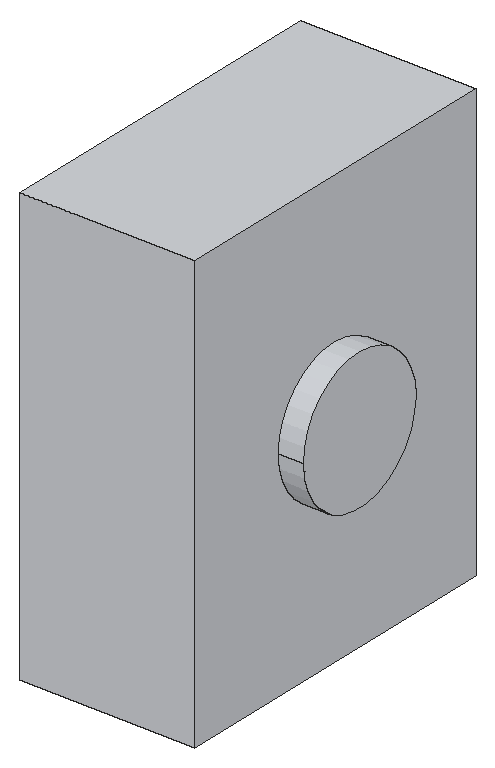
Revit family "電線管用ファミリ", category Electrical Fixtures, Revit 2022
Family settings
  Round Connector Dimension = Use Diameter
  Part Type = Normal
  OmniClass Number = 23.80.00.00
  OmniClass Title = Electric Power and Lighting
  Work Plane-Based = No
  Always vertical = No
  Cut with Voids When Loaded = No
  Maintain Annotation Orientation = No
  Shared = No
  Room Calculation Point = No
Parameters
  Default Elevation = 0 mm
  コネクタ直径2 [instance] = 16 mm
  コネクタ直径1 [instance] = 16 mm
Reference planes
  plane 1 "中心(正面/背面)": y = 0
  plane 2: z = 0
  plane 3 "中心(左/右)": x = 0
Forms (mm)
  Extrusion 1, solid
    sketch origin (0, -9.877, 0) x (1, 0, 0) y (0, 1, 0)
      loop
        line (-10, 30) -> (-10, -10.245) -> (10, -10.245) -> (10, 30) -> (-10, 30)
    from 0 to 50
  Extrusion 2, solid
    sketch origin (0, 0, 15) x (0, 1, 0) y (0, 0, 1)
      loop
        circle (-0.245, 10) r 8
    from 10 to 13
  Extrusion 3, solid
    sketch origin (0, 0, 15) x (0, 1, 0) y (0, 0, -1)
      loop
        circle (-0.245, -10) r 8
    from 10 to 13
Dimensions and locks
  "コネクタ直径1": diameter of Extrusion 2 sketch curve
  "コネクタ直径2": diameter of Extrusion 3 sketch curve
  aligned and locked: level to plane 2
  aligned and locked: Extrusion 2 to Extrusion 1
Automatic sketch dimensions
  Extrusion 1 sketch curve to plane 3 "中心(左/右)" = 10 mm
  plane 3 "中心(左/右)" to Extrusion 1 sketch curve = 10 mm
  plane 1 "中心(正面/背面)" to Extrusion 1 sketch curve = 20.123 mm
  Extrusion 1 sketch curve to plane 1 "中心(正面/背面)" = 20.123 mm
  plane 1 "中心(正面/背面)" to Extrusion 2 sketch curve = 0.245 mm
  level to Extrusion 2 sketch curve = 25 mm
  plane 1 "中心(正面/背面)" to Extrusion 3 sketch curve = 0.245 mm
  level to Extrusion 3 sketch curve = 25 mm
Connectors
  cabletrayconduit at (13, -0.245, 25), diameter 16, driven by "コネクタ直径1"
    settings: on Extrusion 2, index 5, connector width 300 mm, connector height 300 mm, connector angle 0.00°, system type 32, placement type 0, profile type 0, connector reference index -1, is primary connector yes, connector utility param no, connector description ""
  cabletrayconduit at (-13, -0.245, 25), diameter 16, driven by "コネクタ直径2"
    settings: on Extrusion 3, index 6, connector width 300 mm, connector height 300 mm, connector angle 0.00°, system type 32, placement type 0, profile type 0, connector reference index -1, is primary connector no, connector utility param no, connector description ""
